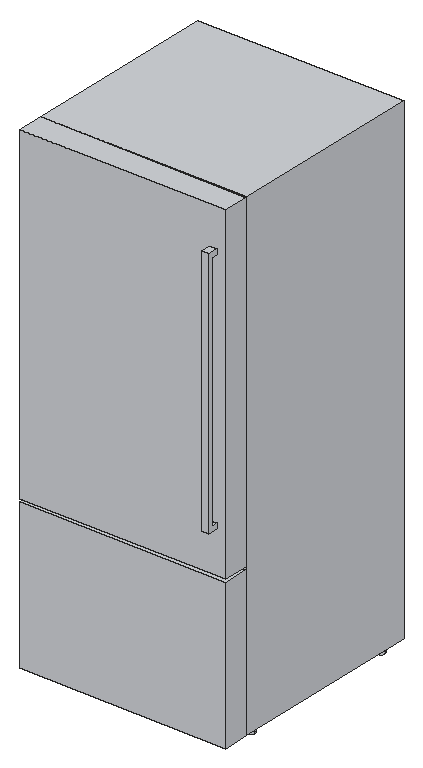
Revit family "refrigerator_GE_GTE18ITHWW", category Specialty Equipment, Revit 2019
Family settings
  Round Connector Dimension = Use Diameter
  Part Type = Normal
  Work Plane-Based = No
  Always vertical = Yes
  Cut with Voids When Loaded = No
  Shared = No
  Room Calculation Point = No
Parameters
  DOOR [instance] = yes
  ADA 2 [instance] = no
  ADA 1 [instance] = yes
Reference planes (in)
  plane 1 "Center (Front/Back)": y = 1.1875
  plane 2: z = 0
  plane 3 "Center (Left/Right)": x = 0
  plane 4: x = -14.75
  plane 5: x = 14.75
  plane 6: y = 15.25
  plane 7: y = -19
  plane 8: y = -12.875
  plane 9: z = 70.125
  plane 10: z = 22.75
  plane 11: z = 22.25
  plane 12: x = 13.5625
  plane 13: x = -13.5625
  plane 14: y = 12.75
  plane 15: y = -10.625
  plane 16: y = -16.6875
  plane 17: x = -29.375
Forms (in)
  Extrusion 1, solid
    sketch origin (0, 0, 0) x (1, 0, 0) y (0, 1, 0)
      loop
        line (-14.75, 15.25) -> (-14.75, -12.875) -> (14.75, -12.875) -> (14.75, 15.25) -> (-14.75, 15.25)
    from 1 to 70.125
  Extrusion 2, solid
    sketch origin (0, -3.375, 0) x (1, 0, 0) y (0, 1, 0)
      loop
        line (-14.75, -9.625) -> (-14.75, -13.3125) -> (14.75, -13.3125) -> (14.75, -9.625) -> (-14.75, -9.625)
    from 22.75 to 70.125
  Extrusion 3, solid
    sketch origin (0, -3.375, 0) x (1, 0, 0) y (0, 1, 0)
      loop
        line (-14.75, -9.625) -> (-14.75, -13.3125) -> (14.75, -13.3125) -> (14.75, -9.625) -> (-14.75, -9.625)
    from 1 to 22.25
  Extrusion 4, solid
    sketch origin (12.5625, -3.68748, 0) x (0, 1, 0) y (0, 0, 1)
      loop
        arc (-14.44928, 64.75) -> (-15.3243, 46.75) -> (-14.44928, 28.75) r 185.57618
        line (-14.44928, 28.75) -> (-13.00002, 28.75) -> (-13.00002, 29.5) -> (-13.94328, 29.5)
        arc (-13.94328, 29.5) -> (-14.75002, 46.75) -> (-13.94328, 64) r 184.82618
        line (-13.94328, 64) -> (-13.00002, 64) -> (-13.00002, 64.75) -> (-14.44928, 64.75)
    from 0 to 1
  Extrusion 5, solid
    sketch origin (0, 0, 0) x (1, 0, 0) y (0, 1, 0)
      loop
        circle (13.5625, 12.75) r 0.25
      loop
        circle (-13.5625, 12.75) r 0.25
      loop
        circle (-13.5625, -10.625) r 0.25
      loop
        circle (13.5625, -10.625) r 0.25
    from 0.25 to 1
  Extrusion 6, solid
    sketch origin (0, 0, 0) x (1, 0, 0) y (0, 1, 0)
      loop
        circle (-13.5625, 12.75) r 0.5
      loop
        circle (13.5625, 12.75) r 0.5
      loop
        circle (13.5625, -10.625) r 0.5
      loop
        circle (-13.5625, -10.625) r 0.5
    from 0 to 0.25
Cuts and joins
  joined: Extrusion 2, Extrusion 4
Lines and regions (in)
  model lines, style "Fridge dash", visible <- "DOOR"
    curve 1: line (-12.375, -13, 0) -> (-12.375, -42.5, 0)
    curve 3: line (-14.75, -42.5, 0) -> (-14.75, -13, 0)
    curve 4: line (-12.375, -42.5, 0) -> (-14.75, -42.5, 0)
    curve 5: line (-18.5625, -39.93164, 0) -> (-18.5625, -40.93164, 0)
    curve 6: line (-15, -39.93164, 0) -> (-18.5625, -39.93164, 0)
    curve 7: line (-18.5625, -40.93164, 0) -> (-15.0625, -40.93164, 0)
    curve 8: arc (14.75, -16.6875, 0) -> (4.99379, -35.125, 0) -> (-14.51862, -42.5, 0) r 29.5
  model lines, style "Fridge dash"
    curve 2: line (-14.75, -13, 0) -> (-12.375, -13, 0)
Dimensions and locks (in)
  plane 3 "Center (Left/Right)" to plane 5 = 1' - 2 3/4"
  plane 4 to plane 3 "Center (Left/Right)" = 1' - 2 3/4"
  plane 6 to plane 1 "Center (Front/Back)" = 1' - 2 1/16"
  plane 1 "Center (Front/Back)" to plane 8 = 1' - 2 1/16"
  plane 6 to plane 8 = 2' - 4 1/8"  (x2)
  plane 6 to plane 16 = 2' - 7 15/16"  (x2)
  plane 6 to plane 7 = 2' - 10 1/4"  (x2)
  plane 4 to plane 5 = 2' - 5 1/2"
  plane 9 to level = 5' - 10 1/8"
  level to plane 9 = 5' - 10 1/8"
  cut or joined group of Extrusion 2, Extrusion 4 to curve 4 = 2' - 5 1/2"
  curve 3 to curve 1 = 0' - 2 3/8"
  aligned and locked: level to plane 2
  aligned and locked: Extrusion 2 to plane 4
  aligned and locked: Extrusion 1 to plane 4
  aligned and locked: plane 5 to Extrusion 1
  aligned and locked: cut or joined group of Extrusion 2, Extrusion 4 to plane 4
  aligned and locked: plane 5 to cut or joined group of Extrusion 2, Extrusion 4
  aligned and locked: cut or joined group of Extrusion 2, Extrusion 4 to plane 16
  aligned and locked: plane 12 to cut or joined group of Extrusion 2, Extrusion 4
Nested families (in)
  nested 1: "ADA_3048" at (0, -31.6875, 0) x (0, 1, 0) z (0, 0, 1), visible <- "ADA 1", type "ADA_3048"
  nested 2: "ADA_3048" at (0, -40.6875, 0), visible <- "ADA 2", type "ADA_3048"
Definition of nested family "ADA_3048"
  Parameters (values of type "ADA_3048")
    Assembly Code = ""
  Reference planes (in)
    plane 1 "Center (Front/Back)": y = 0
    plane 2: z = 0
    plane 3 "Center (Left/Right)": x = 0
  Lines and regions (in)
    model lines
      curve 1: line (15, 24, 0) -> (-15, 24, 0)
      curve 2: line (-15, 24, 0) -> (-15, -24, 0)
      curve 3: line (-15, -24, 0) -> (15, -24, 0)
      curve 4: line (15, -24, 0) -> (15, 24, 0)
  Dimensions and locks (in)
    curve 2 to curve 4 = 2' - 6"
    curve 3 to curve 1 = 4' - 0"
